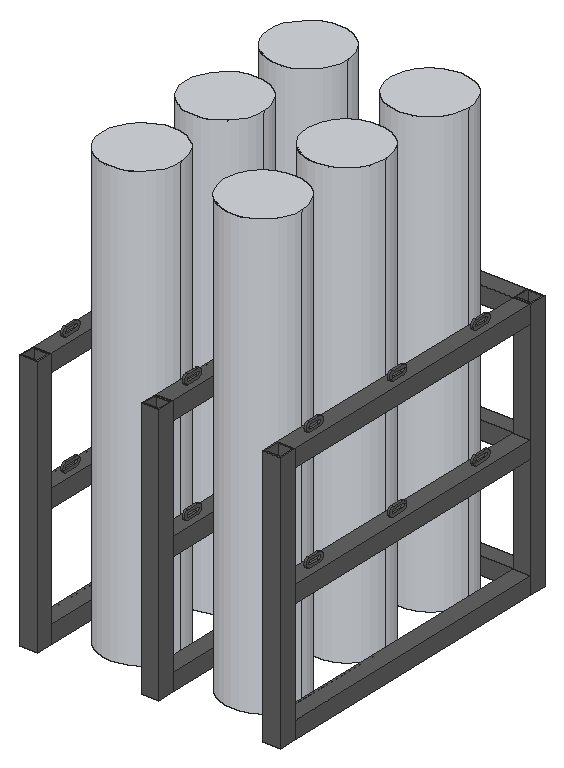
Revit family "2x3-cylinder-rack-BR2X3FS-USAsafety", category Generic Models, Revit 2014
Parameters
  Supplier = "USA Safety Solutions, Inc (www.usasafety.com)"
  Order or Request Quote = "http://www.usasafety.com/contacts"
  URL = "http://www.usasafety.com/gas-cylinder-storage-rack-2x3-barricade-6-cylinders-p-64.html"
  Supplier Email = "sales@usasafety.com"
  Supplier Phone = "1-877-805-8650"
  Capacity = "1-6 cylinders (up to 12\" diameter)"
  Compliance = "NFPA, CGA, OSHA compliant (when used in accordance with guidelines)"
  Model = "#BR2X3FS"
  Manufacturer = ""
  Description = "Gas cylinder storage rack"
  Mounting = "Pre-drilled .531 inch diameter floor mounting holes"
  Accessories = "Two levels of welded steel chains, snaps for each cylinder"
  Weight = "154 lbs"
Reference planes (in)
  plane 1 "Center (Front/Back)": y = 0
  plane 2: z = 0
  plane 3 "Center (Left/Right)": x = 0
  plane 4: through (0.875, -174.54813, -10.63105) normal (0, -0.2588, 0.9659)
  plane 5: through (0.875, -174.54813, -24.63105) normal (0, -0.2588, 0.9659)
  plane 6: through (0.875, -162.54813, -10.63105) normal (0, -0.2588, 0.9659)
  plane 7: through (0.875, -162.54813, -24.63105) normal (0, -0.2588, 0.9659)
  plane 8: through (0.875, -186.54813, -10.63105) normal (0, -0.2588, 0.9659)
  plane 9: through (0.875, -186.54813, -24.63105) normal (0, -0.2588, 0.9659)
Forms (in)
  Extrusion 1, solid, material "USA Safety Steel, Paint Finish, Black, Glossy"
    sketch origin (0, 0, 0) x (1, 0, 0) y (0, 1, 0)
      loop
        line (0, 0) -> (0, -2) -> (2, -2) -> (2, 0) -> (0, 0)
      loop
        line (1.875, -0.125) -> (0.125, -0.125) -> (0.125, -1.875) -> (1.875, -1.875) -> (1.875, -0.125)
    from 0 to 30
  Extrusion 2, solid, material "USA Safety Steel, Paint Finish, Black, Glossy"
    sketch origin (14, 0, 0) x (1, 0, 0) y (0, 1, 0)
      loop
        line (0, 0) -> (0, -2) -> (2, -2) -> (2, 0) -> (0, 0)
      loop
        line (1.875, -0.125) -> (0.125, -0.125) -> (0.125, -1.875) -> (1.875, -1.875) -> (1.875, -0.125)
    from 0 to 30
  Extrusion 3, solid, material "USA Safety Steel, Paint Finish, Black, Glossy"
    sketch origin (0, -36, 0) x (1, 0, 0) y (0, 1, 0)
      loop
        line (0, 0) -> (0, -2) -> (2, -2) -> (2, 0) -> (0, 0)
      loop
        line (1.875, -0.125) -> (0.125, -0.125) -> (0.125, -1.875) -> (1.875, -1.875) -> (1.875, -0.125)
    from 0 to 30
  Extrusion 4, solid, material "USA Safety Steel, Paint Finish, Black, Glossy"
    sketch origin (14, -36, 0) x (1, 0, 0) y (0, 1, 0)
      loop
        line (0, 0) -> (0, -2) -> (2, -2) -> (2, 0) -> (0, 0)
      loop
        line (1.875, -0.125) -> (0.125, -0.125) -> (0.125, -1.875) -> (1.875, -1.875) -> (1.875, -0.125)
    from 0 to 30
  Extrusion 5, solid, material "USA Safety Steel, Paint Finish, Black, Glossy"
    sketch origin (2, 0, 2) x (0, 0, -1) y (0, 1, 0)
      loop
        line (0, 0) -> (0, -2) -> (2, -2) -> (2, 0) -> (0, 0)
      loop
        line (1.875, -0.125) -> (0.125, -0.125) -> (0.125, -1.875) -> (1.875, -1.875) -> (1.875, -0.125)
    from 0 to 12
  Extrusion 6, solid, material "USA Safety Steel, Paint Finish, Black, Glossy"
    sketch origin (2, 0, 30) x (0, 0, -1) y (0, 1, 0)
      loop
        line (0, 0) -> (0, -2) -> (2, -2) -> (2, 0) -> (0, 0)
      loop
        line (1.875, -0.125) -> (0.125, -0.125) -> (0.125, -1.875) -> (1.875, -1.875) -> (1.875, -0.125)
    from 0 to 12
  Extrusion 7, solid, material "USA Safety Steel, Paint Finish, Black, Glossy"
    sketch origin (2, 0, 16) x (0, 0, -1) y (0, 1, 0)
      loop
        line (0, 0) -> (0, -2) -> (2, -2) -> (2, 0) -> (0, 0)
      loop
        line (1.875, -0.125) -> (0.125, -0.125) -> (0.125, -1.875) -> (1.875, -1.875) -> (1.875, -0.125)
    from 0 to 12
  Extrusion 8, solid, material "USA Safety Steel, Paint Finish, Black, Glossy"
    sketch origin (0, -14, 2) x (0, 0, -1) y (-1, 0, 0)
      loop
        line (0, 0) -> (0, -2) -> (2, -2) -> (2, 0) -> (0, 0)
      loop
        line (1.875, -0.125) -> (0.125, -0.125) -> (0.125, -1.875) -> (1.875, -1.875) -> (1.875, -0.125)
    from -22 to 12
  Extrusion 9, solid, material "USA Safety Steel, Paint Finish, Black, Glossy"
    sketch origin (0, -14, 30) x (0, 0, -1) y (-1, 0, 0)
      loop
        line (0, 0) -> (0, -2) -> (2, -2) -> (2, 0) -> (0, 0)
      loop
        line (1.875, -0.125) -> (0.125, -0.125) -> (0.125, -1.875) -> (1.875, -1.875) -> (1.875, -0.125)
    from -22 to 12
  Extrusion 10, solid, material "USA Safety Steel, Paint Finish, Black, Glossy"
    sketch origin (0, -14, 16) x (0, 0, -1) y (-1, 0, 0)
      loop
        line (0, 0) -> (0, -2) -> (2, -2) -> (2, 0) -> (0, 0)
      loop
        line (1.875, -0.125) -> (0.125, -0.125) -> (0.125, -1.875) -> (1.875, -1.875) -> (1.875, -0.125)
    from -22 to 12
  Extrusion 11, solid, material "USA Safety Steel, Paint Finish, Black, Glossy"
    sketch origin (14, -14, 2) x (0, 0, -1) y (-1, 0, 0)
      loop
        line (0, 0) -> (0, -2) -> (2, -2) -> (2, 0) -> (0, 0)
      loop
        line (1.875, -0.125) -> (0.125, -0.125) -> (0.125, -1.875) -> (1.875, -1.875) -> (1.875, -0.125)
    from -22 to 12
  Extrusion 12, solid, material "USA Safety Steel, Paint Finish, Black, Glossy"
    sketch origin (14, -14, 30) x (0, 0, -1) y (-1, 0, 0)
      loop
        line (0, 0) -> (0, -2) -> (2, -2) -> (2, 0) -> (0, 0)
      loop
        line (1.875, -0.125) -> (0.125, -0.125) -> (0.125, -1.875) -> (1.875, -1.875) -> (1.875, -0.125)
    from -22 to 12
  Extrusion 13, solid, material "USA Safety Steel, Paint Finish, Black, Glossy"
    sketch origin (14, -14, 16) x (0, 0, -1) y (-1, 0, 0)
      loop
        line (0, 0) -> (0, -2) -> (2, -2) -> (2, 0) -> (0, 0)
      loop
        line (1.875, -0.125) -> (0.125, -0.125) -> (0.125, -1.875) -> (1.875, -1.875) -> (1.875, -0.125)
    from -22 to 12
  Extrusion 14, solid, material "USA Safety Steel, Paint Finish, Black, Glossy"
    sketch origin (15.125, -11.78704, 39.90169) x (0, -1, 0) y (0, 0, 1)
      loop
        line (19.54046, -9.90169) -> (20.88546, -9.90169)
        arc (20.88546, -9.90169) -> (21.40046, -9.38669) -> (20.88546, -8.87169) r 0.515
        line (20.88546, -8.87169) -> (19.54046, -8.87169)
        arc (19.54046, -8.87169) -> (19.02546, -9.38669) -> (19.54046, -9.90169) r 0.515
      loop
        line (19.54046, -9.65169) -> (20.88546, -9.65169)
        arc (20.88546, -9.65169) -> (21.15046, -9.38669) -> (20.88546, -9.12169) r 0.265
        line (20.88546, -9.12169) -> (19.54046, -9.12169)
        arc (19.54046, -9.12169) -> (19.27546, -9.38669) -> (19.54046, -9.65169) r 0.265
    from 0 to 0.25
  Extrusion 15, solid, material "USA Safety Steel, Paint Finish, Black, Glossy"
    sketch origin (1.125, -11.78704, 39.90169) x (0, -1, 0) y (0, 0, 1)
      loop
        line (19.54046, -9.90169) -> (20.88546, -9.90169)
        arc (20.88546, -9.90169) -> (21.40046, -9.38669) -> (20.88546, -8.87169) r 0.515
        line (20.88546, -8.87169) -> (19.54046, -8.87169)
        arc (19.54046, -8.87169) -> (19.02546, -9.38669) -> (19.54046, -9.90169) r 0.515
      loop
        line (19.54046, -9.65169) -> (20.88546, -9.65169)
        arc (20.88546, -9.65169) -> (21.15046, -9.38669) -> (20.88546, -9.12169) r 0.265
        line (20.88546, -9.12169) -> (19.54046, -9.12169)
        arc (19.54046, -9.12169) -> (19.27546, -9.38669) -> (19.54046, -9.65169) r 0.265
    from 0 to 0.25
  Extrusion 16, solid, material "USA Safety Steel, Paint Finish, Black, Glossy"
    sketch origin (15.125, -11.78704, 25.90169) x (0, -1, 0) y (0, 0, 1)
      loop
        line (19.54046, -9.90169) -> (20.88546, -9.90169)
        arc (20.88546, -9.90169) -> (21.40046, -9.38669) -> (20.88546, -8.87169) r 0.515
        line (20.88546, -8.87169) -> (19.54046, -8.87169)
        arc (19.54046, -8.87169) -> (19.02546, -9.38669) -> (19.54046, -9.90169) r 0.515
      loop
        line (19.54046, -9.65169) -> (20.88546, -9.65169)
        arc (20.88546, -9.65169) -> (21.15046, -9.38669) -> (20.88546, -9.12169) r 0.265
        line (20.88546, -9.12169) -> (19.54046, -9.12169)
        arc (19.54046, -9.12169) -> (19.27546, -9.38669) -> (19.54046, -9.65169) r 0.265
    from 0 to 0.25
  Extrusion 17, solid, material "USA Safety Steel, Paint Finish, Black, Glossy"
    sketch origin (1.125, -11.78704, 25.90169) x (0, -1, 0) y (0, 0, 1)
      loop
        line (19.54046, -9.90169) -> (20.88546, -9.90169)
        arc (20.88546, -9.90169) -> (21.40046, -9.38669) -> (20.88546, -8.87169) r 0.515
        line (20.88546, -8.87169) -> (19.54046, -8.87169)
        arc (19.54046, -8.87169) -> (19.02546, -9.38669) -> (19.54046, -9.90169) r 0.515
      loop
        line (19.54046, -9.65169) -> (20.88546, -9.65169)
        arc (20.88546, -9.65169) -> (21.15046, -9.38669) -> (20.88546, -9.12169) r 0.265
        line (20.88546, -9.12169) -> (19.54046, -9.12169)
        arc (19.54046, -9.12169) -> (19.27546, -9.38669) -> (19.54046, -9.65169) r 0.265
    from 0 to 0.25
  Extrusion 18, solid, material "USA Safety Steel, Paint Finish, Black, Glossy"
    sketch origin (15.125, 0.21296, 39.90169) x (0, -1, 0) y (0, 0, 1)
      loop
        line (19.54046, -9.90169) -> (20.88546, -9.90169)
        arc (20.88546, -9.90169) -> (21.40046, -9.38669) -> (20.88546, -8.87169) r 0.515
        line (20.88546, -8.87169) -> (19.54046, -8.87169)
        arc (19.54046, -8.87169) -> (19.02546, -9.38669) -> (19.54046, -9.90169) r 0.515
      loop
        line (19.54046, -9.65169) -> (20.88546, -9.65169)
        arc (20.88546, -9.65169) -> (21.15046, -9.38669) -> (20.88546, -9.12169) r 0.265
        line (20.88546, -9.12169) -> (19.54046, -9.12169)
        arc (19.54046, -9.12169) -> (19.27546, -9.38669) -> (19.54046, -9.65169) r 0.265
    from 0 to 0.25
  Extrusion 19, solid, material "USA Safety Steel, Paint Finish, Black, Glossy"
    sketch origin (1.125, 0.21296, 39.90169) x (0, -1, 0) y (0, 0, 1)
      loop
        line (19.54046, -9.90169) -> (20.88546, -9.90169)
        arc (20.88546, -9.90169) -> (21.40046, -9.38669) -> (20.88546, -8.87169) r 0.515
        line (20.88546, -8.87169) -> (19.54046, -8.87169)
        arc (19.54046, -8.87169) -> (19.02546, -9.38669) -> (19.54046, -9.90169) r 0.515
      loop
        line (19.54046, -9.65169) -> (20.88546, -9.65169)
        arc (20.88546, -9.65169) -> (21.15046, -9.38669) -> (20.88546, -9.12169) r 0.265
        line (20.88546, -9.12169) -> (19.54046, -9.12169)
        arc (19.54046, -9.12169) -> (19.27546, -9.38669) -> (19.54046, -9.65169) r 0.265
    from 0 to 0.25
  Extrusion 20, solid, material "USA Safety Steel, Paint Finish, Black, Glossy"
    sketch origin (15.125, 0.21296, 25.90169) x (0, -1, 0) y (0, 0, 1)
      loop
        line (19.54046, -9.90169) -> (20.88546, -9.90169)
        arc (20.88546, -9.90169) -> (21.40046, -9.38669) -> (20.88546, -8.87169) r 0.515
        line (20.88546, -8.87169) -> (19.54046, -8.87169)
        arc (19.54046, -8.87169) -> (19.02546, -9.38669) -> (19.54046, -9.90169) r 0.515
      loop
        line (19.54046, -9.65169) -> (20.88546, -9.65169)
        arc (20.88546, -9.65169) -> (21.15046, -9.38669) -> (20.88546, -9.12169) r 0.265
        line (20.88546, -9.12169) -> (19.54046, -9.12169)
        arc (19.54046, -9.12169) -> (19.27546, -9.38669) -> (19.54046, -9.65169) r 0.265
    from 0 to 0.25
  Extrusion 21, solid, material "USA Safety Steel, Paint Finish, Black, Glossy"
    sketch origin (1.125, 0.21296, 25.90169) x (0, -1, 0) y (0, 0, 1)
      loop
        line (19.54046, -9.90169) -> (20.88546, -9.90169)
        arc (20.88546, -9.90169) -> (21.40046, -9.38669) -> (20.88546, -8.87169) r 0.515
        line (20.88546, -8.87169) -> (19.54046, -8.87169)
        arc (19.54046, -8.87169) -> (19.02546, -9.38669) -> (19.54046, -9.90169) r 0.515
      loop
        line (19.54046, -9.65169) -> (20.88546, -9.65169)
        arc (20.88546, -9.65169) -> (21.15046, -9.38669) -> (20.88546, -9.12169) r 0.265
        line (20.88546, -9.12169) -> (19.54046, -9.12169)
        arc (19.54046, -9.12169) -> (19.27546, -9.38669) -> (19.54046, -9.65169) r 0.265
    from 0 to 0.25
  Extrusion 22, solid
    sketch origin (1.65257, -9.13271, 0) x (1, 0, 0) y (0, 1, 0)
      loop
        circle (6.34743, -9.36729) r 4.5
    from 0 to 51
  Extrusion 23, solid
    sketch origin (1.65257, -21.13271, 0) x (1, 0, 0) y (0, 1, 0)
      loop
        circle (6.34743, -9.36729) r 4.5
    from 0 to 51
  Extrusion 24, solid, material "USA Safety Steel, Paint Finish, Black, Glossy"
    sketch origin (15.125, 12.21296, 39.90169) x (0, -1, 0) y (0, 0, 1)
      loop
        line (19.54046, -9.90169) -> (20.88546, -9.90169)
        arc (20.88546, -9.90169) -> (21.40046, -9.38669) -> (20.88546, -8.87169) r 0.515
        line (20.88546, -8.87169) -> (19.54046, -8.87169)
        arc (19.54046, -8.87169) -> (19.02546, -9.38669) -> (19.54046, -9.90169) r 0.515
      loop
        line (19.54046, -9.65169) -> (20.88546, -9.65169)
        arc (20.88546, -9.65169) -> (21.15046, -9.38669) -> (20.88546, -9.12169) r 0.265
        line (20.88546, -9.12169) -> (19.54046, -9.12169)
        arc (19.54046, -9.12169) -> (19.27546, -9.38669) -> (19.54046, -9.65169) r 0.265
    from 0 to 0.25
  Extrusion 25, solid, material "USA Safety Steel, Paint Finish, Black, Glossy"
    sketch origin (1.125, 12.21296, 39.90169) x (0, -1, 0) y (0, 0, 1)
      loop
        line (19.54046, -9.90169) -> (20.88546, -9.90169)
        arc (20.88546, -9.90169) -> (21.40046, -9.38669) -> (20.88546, -8.87169) r 0.515
        line (20.88546, -8.87169) -> (19.54046, -8.87169)
        arc (19.54046, -8.87169) -> (19.02546, -9.38669) -> (19.54046, -9.90169) r 0.515
      loop
        line (19.54046, -9.65169) -> (20.88546, -9.65169)
        arc (20.88546, -9.65169) -> (21.15046, -9.38669) -> (20.88546, -9.12169) r 0.265
        line (20.88546, -9.12169) -> (19.54046, -9.12169)
        arc (19.54046, -9.12169) -> (19.27546, -9.38669) -> (19.54046, -9.65169) r 0.265
    from 0 to 0.25
  Extrusion 26, solid, material "USA Safety Steel, Paint Finish, Black, Glossy"
    sketch origin (15.125, 12.21296, 25.90169) x (0, -1, 0) y (0, 0, 1)
      loop
        line (19.54046, -9.90169) -> (20.88546, -9.90169)
        arc (20.88546, -9.90169) -> (21.40046, -9.38669) -> (20.88546, -8.87169) r 0.515
        line (20.88546, -8.87169) -> (19.54046, -8.87169)
        arc (19.54046, -8.87169) -> (19.02546, -9.38669) -> (19.54046, -9.90169) r 0.515
      loop
        line (19.54046, -9.65169) -> (20.88546, -9.65169)
        arc (20.88546, -9.65169) -> (21.15046, -9.38669) -> (20.88546, -9.12169) r 0.265
        line (20.88546, -9.12169) -> (19.54046, -9.12169)
        arc (19.54046, -9.12169) -> (19.27546, -9.38669) -> (19.54046, -9.65169) r 0.265
    from 0 to 0.25
  Extrusion 27, solid, material "USA Safety Steel, Paint Finish, Black, Glossy"
    sketch origin (1.125, 12.21296, 25.90169) x (0, -1, 0) y (0, 0, 1)
      loop
        line (19.54046, -9.90169) -> (20.88546, -9.90169)
        arc (20.88546, -9.90169) -> (21.40046, -9.38669) -> (20.88546, -8.87169) r 0.515
        line (20.88546, -8.87169) -> (19.54046, -8.87169)
        arc (19.54046, -8.87169) -> (19.02546, -9.38669) -> (19.54046, -9.90169) r 0.515
      loop
        line (19.54046, -9.65169) -> (20.88546, -9.65169)
        arc (20.88546, -9.65169) -> (21.15046, -9.38669) -> (20.88546, -9.12169) r 0.265
        line (20.88546, -9.12169) -> (19.54046, -9.12169)
        arc (19.54046, -9.12169) -> (19.27546, -9.38669) -> (19.54046, -9.65169) r 0.265
    from 0 to 0.25
  Extrusion 28, solid
    sketch origin (1.65257, 2.86729, 0) x (1, 0, 0) y (0, 1, 0)
      loop
        circle (6.34743, -9.36729) r 4.5
    from 0 to 51
  Extrusion 29, solid, material "USA Safety Steel, Paint Finish, Black, Glossy"
    sketch origin (28, 0, 0) x (1, 0, 0) y (0, 1, 0)
      loop
        line (0, 0) -> (0, -2) -> (2, -2) -> (2, 0) -> (0, 0)
      loop
        line (1.875, -0.125) -> (0.125, -0.125) -> (0.125, -1.875) -> (1.875, -1.875) -> (1.875, -0.125)
    from 0 to 30
  Extrusion 30, solid, material "USA Safety Steel, Paint Finish, Black, Glossy"
    sketch origin (28, -36, 0) x (1, 0, 0) y (0, 1, 0)
      loop
        line (0, 0) -> (0, -2) -> (2, -2) -> (2, 0) -> (0, 0)
      loop
        line (1.875, -0.125) -> (0.125, -0.125) -> (0.125, -1.875) -> (1.875, -1.875) -> (1.875, -0.125)
    from 0 to 30
  Extrusion 31, solid, material "USA Safety Steel, Paint Finish, Black, Glossy"
    sketch origin (16, 0, 2) x (0, 0, -1) y (0, 1, 0)
      loop
        line (0, 0) -> (0, -2) -> (2, -2) -> (2, 0) -> (0, 0)
      loop
        line (1.875, -0.125) -> (0.125, -0.125) -> (0.125, -1.875) -> (1.875, -1.875) -> (1.875, -0.125)
    from 0 to 12
  Extrusion 32, solid, material "USA Safety Steel, Paint Finish, Black, Glossy"
    sketch origin (16, 0, 30) x (0, 0, -1) y (0, 1, 0)
      loop
        line (0, 0) -> (0, -2) -> (2, -2) -> (2, 0) -> (0, 0)
      loop
        line (1.875, -0.125) -> (0.125, -0.125) -> (0.125, -1.875) -> (1.875, -1.875) -> (1.875, -0.125)
    from 0 to 12
  Extrusion 33, solid, material "USA Safety Steel, Paint Finish, Black, Glossy"
    sketch origin (16, 0, 16) x (0, 0, -1) y (0, 1, 0)
      loop
        line (0, 0) -> (0, -2) -> (2, -2) -> (2, 0) -> (0, 0)
      loop
        line (1.875, -0.125) -> (0.125, -0.125) -> (0.125, -1.875) -> (1.875, -1.875) -> (1.875, -0.125)
    from 0 to 12
  Extrusion 34, solid, material "USA Safety Steel, Paint Finish, Black, Glossy"
    sketch origin (28, -14, 2) x (0, 0, -1) y (-1, 0, 0)
      loop
        line (0, 0) -> (0, -2) -> (2, -2) -> (2, 0) -> (0, 0)
      loop
        line (1.875, -0.125) -> (0.125, -0.125) -> (0.125, -1.875) -> (1.875, -1.875) -> (1.875, -0.125)
    from -22 to 12
  Extrusion 35, solid, material "USA Safety Steel, Paint Finish, Black, Glossy"
    sketch origin (28, -14, 30) x (0, 0, -1) y (-1, 0, 0)
      loop
        line (0, 0) -> (0, -2) -> (2, -2) -> (2, 0) -> (0, 0)
      loop
        line (1.875, -0.125) -> (0.125, -0.125) -> (0.125, -1.875) -> (1.875, -1.875) -> (1.875, -0.125)
    from -22 to 12
  Extrusion 36, solid, material "USA Safety Steel, Paint Finish, Black, Glossy"
    sketch origin (28, -14, 16) x (0, 0, -1) y (-1, 0, 0)
      loop
        line (0, 0) -> (0, -2) -> (2, -2) -> (2, 0) -> (0, 0)
      loop
        line (1.875, -0.125) -> (0.125, -0.125) -> (0.125, -1.875) -> (1.875, -1.875) -> (1.875, -0.125)
    from -22 to 12
  Extrusion 37, solid, material "USA Safety Steel, Paint Finish, Black, Glossy"
    sketch origin (29.125, -11.78704, 39.90169) x (0, -1, 0) y (0, 0, 1)
      loop
        line (19.54046, -9.90169) -> (20.88546, -9.90169)
        arc (20.88546, -9.90169) -> (21.40046, -9.38669) -> (20.88546, -8.87169) r 0.515
        line (20.88546, -8.87169) -> (19.54046, -8.87169)
        arc (19.54046, -8.87169) -> (19.02546, -9.38669) -> (19.54046, -9.90169) r 0.515
      loop
        line (19.54046, -9.65169) -> (20.88546, -9.65169)
        arc (20.88546, -9.65169) -> (21.15046, -9.38669) -> (20.88546, -9.12169) r 0.265
        line (20.88546, -9.12169) -> (19.54046, -9.12169)
        arc (19.54046, -9.12169) -> (19.27546, -9.38669) -> (19.54046, -9.65169) r 0.265
    from 0 to 0.25
  Extrusion 38, solid, material "USA Safety Steel, Paint Finish, Black, Glossy"
    sketch origin (29.125, -11.78704, 25.90169) x (0, -1, 0) y (0, 0, 1)
      loop
        line (19.54046, -9.90169) -> (20.88546, -9.90169)
        arc (20.88546, -9.90169) -> (21.40046, -9.38669) -> (20.88546, -8.87169) r 0.515
        line (20.88546, -8.87169) -> (19.54046, -8.87169)
        arc (19.54046, -8.87169) -> (19.02546, -9.38669) -> (19.54046, -9.90169) r 0.515
      loop
        line (19.54046, -9.65169) -> (20.88546, -9.65169)
        arc (20.88546, -9.65169) -> (21.15046, -9.38669) -> (20.88546, -9.12169) r 0.265
        line (20.88546, -9.12169) -> (19.54046, -9.12169)
        arc (19.54046, -9.12169) -> (19.27546, -9.38669) -> (19.54046, -9.65169) r 0.265
    from 0 to 0.25
  Extrusion 39, solid, material "USA Safety Steel, Paint Finish, Black, Glossy"
    sketch origin (29.125, 0.21296, 39.90169) x (0, -1, 0) y (0, 0, 1)
      loop
        line (19.54046, -9.90169) -> (20.88546, -9.90169)
        arc (20.88546, -9.90169) -> (21.40046, -9.38669) -> (20.88546, -8.87169) r 0.515
        line (20.88546, -8.87169) -> (19.54046, -8.87169)
        arc (19.54046, -8.87169) -> (19.02546, -9.38669) -> (19.54046, -9.90169) r 0.515
      loop
        line (19.54046, -9.65169) -> (20.88546, -9.65169)
        arc (20.88546, -9.65169) -> (21.15046, -9.38669) -> (20.88546, -9.12169) r 0.265
        line (20.88546, -9.12169) -> (19.54046, -9.12169)
        arc (19.54046, -9.12169) -> (19.27546, -9.38669) -> (19.54046, -9.65169) r 0.265
    from 0 to 0.25
  Extrusion 40, solid, material "USA Safety Steel, Paint Finish, Black, Glossy"
    sketch origin (29.125, 0.21296, 25.90169) x (0, -1, 0) y (0, 0, 1)
      loop
        line (19.54046, -9.90169) -> (20.88546, -9.90169)
        arc (20.88546, -9.90169) -> (21.40046, -9.38669) -> (20.88546, -8.87169) r 0.515
        line (20.88546, -8.87169) -> (19.54046, -8.87169)
        arc (19.54046, -8.87169) -> (19.02546, -9.38669) -> (19.54046, -9.90169) r 0.515
      loop
        line (19.54046, -9.65169) -> (20.88546, -9.65169)
        arc (20.88546, -9.65169) -> (21.15046, -9.38669) -> (20.88546, -9.12169) r 0.265
        line (20.88546, -9.12169) -> (19.54046, -9.12169)
        arc (19.54046, -9.12169) -> (19.27546, -9.38669) -> (19.54046, -9.65169) r 0.265
    from 0 to 0.25
  Extrusion 41, solid
    sketch origin (15.65257, -9.13271, 0) x (1, 0, 0) y (0, 1, 0)
      loop
        circle (6.34743, -9.36729) r 4.5
    from 0 to 51
  Extrusion 42, solid
    sketch origin (15.65257, -21.13271, 0) x (1, 0, 0) y (0, 1, 0)
      loop
        circle (6.34743, -9.36729) r 4.5
    from 0 to 51
  Extrusion 43, solid, material "USA Safety Steel, Paint Finish, Black, Glossy"
    sketch origin (29.125, 12.21296, 39.90169) x (0, -1, 0) y (0, 0, 1)
      loop
        line (19.54046, -9.90169) -> (20.88546, -9.90169)
        arc (20.88546, -9.90169) -> (21.40046, -9.38669) -> (20.88546, -8.87169) r 0.515
        line (20.88546, -8.87169) -> (19.54046, -8.87169)
        arc (19.54046, -8.87169) -> (19.02546, -9.38669) -> (19.54046, -9.90169) r 0.515
      loop
        line (19.54046, -9.65169) -> (20.88546, -9.65169)
        arc (20.88546, -9.65169) -> (21.15046, -9.38669) -> (20.88546, -9.12169) r 0.265
        line (20.88546, -9.12169) -> (19.54046, -9.12169)
        arc (19.54046, -9.12169) -> (19.27546, -9.38669) -> (19.54046, -9.65169) r 0.265
    from 0 to 0.25
  Extrusion 44, solid, material "USA Safety Steel, Paint Finish, Black, Glossy"
    sketch origin (29.125, 12.21296, 25.90169) x (0, -1, 0) y (0, 0, 1)
      loop
        line (19.54046, -9.90169) -> (20.88546, -9.90169)
        arc (20.88546, -9.90169) -> (21.40046, -9.38669) -> (20.88546, -8.87169) r 0.515
        line (20.88546, -8.87169) -> (19.54046, -8.87169)
        arc (19.54046, -8.87169) -> (19.02546, -9.38669) -> (19.54046, -9.90169) r 0.515
      loop
        line (19.54046, -9.65169) -> (20.88546, -9.65169)
        arc (20.88546, -9.65169) -> (21.15046, -9.38669) -> (20.88546, -9.12169) r 0.265
        line (20.88546, -9.12169) -> (19.54046, -9.12169)
        arc (19.54046, -9.12169) -> (19.27546, -9.38669) -> (19.54046, -9.65169) r 0.265
    from 0 to 0.25
  Extrusion 45, solid
    sketch origin (15.65257, 2.86729, 0) x (1, 0, 0) y (0, 1, 0)
      loop
        circle (6.34743, -9.36729) r 4.5
    from 0 to 51
Lines and regions (in)
  model lines
    curve 1: spline (1.125, -20, 30.78) -> (1.35926, -21, 30.51205) -> (2.04608, -21.93185, 30.26236) -> (3.13864, -22.73205, 30.04795) -> (4.5625, -23.34607, 29.88342) -> (6.22062, -23.73205, 29.78) -> (8, -23.8637, 29.74472) -> (9.77938, -23.73205, 29.78) -> (11.4375, -23.34607, 29.88342) -> (12.86136, -22.73205, 30.04795) -> (13.95392, -21.93185, 30.26236) -> (14.64074, -21, 30.51205) -> (14.875, -20, 30.78)
    curve 2: spline (1.125, -20, 16.78) -> (1.35926, -21, 16.51205) -> (2.04608, -21.93185, 16.26236) -> (3.13864, -22.73205, 16.04795) -> (4.5625, -23.34607, 15.88342) -> (6.22062, -23.73205, 15.78) -> (8, -23.8637, 15.74472) -> (9.77938, -23.73205, 15.78) -> (11.4375, -23.34607, 15.88342) -> (12.86136, -22.73205, 16.04795) -> (13.95392, -21.93185, 16.26236) -> (14.64074, -21, 16.51205) -> (14.875, -20, 16.78)
    curve 3: spline (1.125, -8, 30.78) -> (1.35926, -9, 30.51205) -> (2.04608, -9.93185, 30.26236) -> (3.13864, -10.73205, 30.04795) -> (4.5625, -11.34607, 29.88342) -> (6.22062, -11.73205, 29.78) -> (8, -11.8637, 29.74472) -> (9.77938, -11.73205, 29.78) -> (11.4375, -11.34607, 29.88342) -> (12.86136, -10.73205, 30.04795) -> (13.95392, -9.93185, 30.26236) -> (14.64074, -9, 30.51205) -> (14.875, -8, 30.78)
    curve 4: spline (1.125, -8, 16.78) -> (1.35926, -9, 16.51205) -> (2.04608, -9.93185, 16.26236) -> (3.13864, -10.73205, 16.04795) -> (4.5625, -11.34607, 15.88342) -> (6.22062, -11.73205, 15.78) -> (8, -11.8637, 15.74472) -> (9.77938, -11.73205, 15.78) -> (11.4375, -11.34607, 15.88342) -> (12.86136, -10.73205, 16.04795) -> (13.95392, -9.93185, 16.26236) -> (14.64074, -9, 16.51205) -> (14.875, -8, 16.78)
    curve 5: spline (1.125, -32, 30.78) -> (1.35926, -33, 30.51205) -> (2.04608, -33.93185, 30.26236) -> (3.13864, -34.73205, 30.04795) -> (4.5625, -35.34607, 29.88342) -> (6.22062, -35.73205, 29.78) -> (8, -35.8637, 29.74472) -> (9.77938, -35.73205, 29.78) -> (11.4375, -35.34607, 29.88342) -> (12.86136, -34.73205, 30.04795) -> (13.95392, -33.93185, 30.26236) -> (14.64074, -33, 30.51205) -> (14.875, -32, 30.78)
    curve 6: spline (1.125, -32, 16.78) -> (1.35926, -33, 16.51205) -> (2.04608, -33.93185, 16.26236) -> (3.13864, -34.73205, 16.04795) -> (4.5625, -35.34607, 15.88342) -> (6.22062, -35.73205, 15.78) -> (8, -35.8637, 15.74472) -> (9.77938, -35.73205, 15.78) -> (11.4375, -35.34607, 15.88342) -> (12.86136, -34.73205, 16.04795) -> (13.95392, -33.93185, 16.26236) -> (14.64074, -33, 16.51205) -> (14.875, -32, 16.78)
    curve 7: spline (15.125, -20, 30.78) -> (15.35926, -21, 30.51205) -> (16.04608, -21.93185, 30.26236) -> (17.13864, -22.73205, 30.04795) -> (18.5625, -23.34607, 29.88342) -> (20.22062, -23.73205, 29.78) -> (22, -23.8637, 29.74472) -> (23.77938, -23.73205, 29.78) -> (25.4375, -23.34607, 29.88342) -> (26.86136, -22.73205, 30.04795) -> (27.95392, -21.93185, 30.26236) -> (28.64074, -21, 30.51205) -> (28.875, -20, 30.78)
    curve 8: spline (15.125, -20, 16.78) -> (15.35926, -21, 16.51205) -> (16.04608, -21.93185, 16.26236) -> (17.13864, -22.73205, 16.04795) -> (18.5625, -23.34607, 15.88342) -> (20.22062, -23.73205, 15.78) -> (22, -23.8637, 15.74472) -> (23.77938, -23.73205, 15.78) -> (25.4375, -23.34607, 15.88342) -> (26.86136, -22.73205, 16.04795) -> (27.95392, -21.93185, 16.26236) -> (28.64074, -21, 16.51205) -> (28.875, -20, 16.78)
    curve 9: spline (15.125, -8, 30.78) -> (15.35926, -9, 30.51205) -> (16.04608, -9.93185, 30.26236) -> (17.13864, -10.73205, 30.04795) -> (18.5625, -11.34607, 29.88342) -> (20.22062, -11.73205, 29.78) -> (22, -11.8637, 29.74472) -> (23.77938, -11.73205, 29.78) -> (25.4375, -11.34607, 29.88342) -> (26.86136, -10.73205, 30.04795) -> (27.95392, -9.93185, 30.26236) -> (28.64074, -9, 30.51205) -> (28.875, -8, 30.78)
    curve 10: spline (15.125, -8, 16.78) -> (15.35926, -9, 16.51205) -> (16.04608, -9.93185, 16.26236) -> (17.13864, -10.73205, 16.04795) -> (18.5625, -11.34607, 15.88342) -> (20.22062, -11.73205, 15.78) -> (22, -11.8637, 15.74472) -> (23.77938, -11.73205, 15.78) -> (25.4375, -11.34607, 15.88342) -> (26.86136, -10.73205, 16.04795) -> (27.95392, -9.93185, 16.26236) -> (28.64074, -9, 16.51205) -> (28.875, -8, 16.78)
    curve 11: spline (15.125, -32, 30.78) -> (15.35926, -33, 30.51205) -> (16.04608, -33.93185, 30.26236) -> (17.13864, -34.73205, 30.04795) -> (18.5625, -35.34607, 29.88342) -> (20.22062, -35.73205, 29.78) -> (22, -35.8637, 29.74472) -> (23.77938, -35.73205, 29.78) -> (25.4375, -35.34607, 29.88342) -> (26.86136, -34.73205, 30.04795) -> (27.95392, -33.93185, 30.26236) -> (28.64074, -33, 30.51205) -> (28.875, -32, 30.78)
    curve 12: spline (15.125, -32, 16.78) -> (15.35926, -33, 16.51205) -> (16.04608, -33.93185, 16.26236) -> (17.13864, -34.73205, 16.04795) -> (18.5625, -35.34607, 15.88342) -> (20.22062, -35.73205, 15.78) -> (22, -35.8637, 15.74472) -> (23.77938, -35.73205, 15.78) -> (25.4375, -35.34607, 15.88342) -> (26.86136, -34.73205, 16.04795) -> (27.95392, -33.93185, 16.26236) -> (28.64074, -33, 16.51205) -> (28.875, -32, 16.78)
Dimensions and locks (in)
  aligned and locked: plane 2 to level
